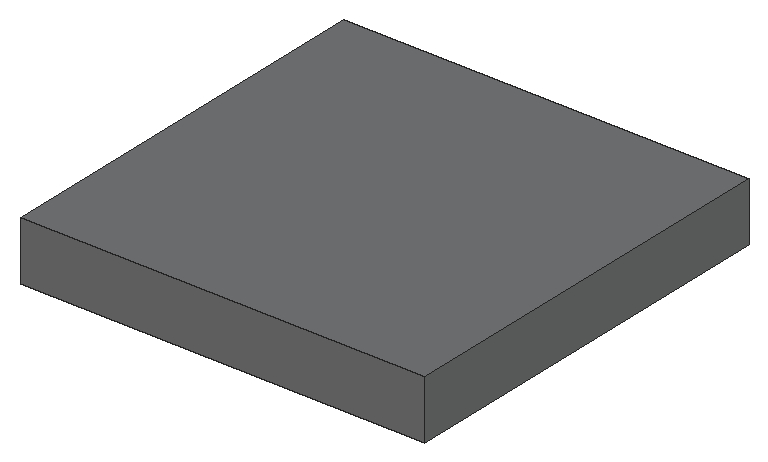
Revit family "Gira_5366005", category Electrical Fixtures, host Face, Revit 2017
Family settings
  Host = Face
  Maintain Annotation Orientation = No
  Round Connector Dimension = Use Diameter
  Part Type = Normal
  Cut with Voids When Loaded = No
  Shared = No
  Room Calculation Point = No
Parameters (values of type "S3000 Jal.- + Schaltuhr Display System 55 Schwarz m")
  Werkstoffgüte = "sonstige"
  Werkstoff = "sonstige"
  URL = "http://katalog.gira.de/de_DE/datenblatt.html?artikelnr=5366005"
  Transparent = "No"
  Region = "DE"
  Oberfläche = "sonstige"
  Name = "S3000 Jal.- + Schaltuhr Display System 55 Schwarz m"
  Mit LED-Anzeige = "Yes"
  Mit Abdeckung = "Yes"
  Manufacturer URL = "https://www.gira.de/"
  Keynote = "Sys55_Abdeckung_Schalten und Tasten"
  HeinzeBIM = "https://bimportal.heinze.de/bim/s3000-jal-schaltuhr-display-system-55-schwarz-m/8ad49dbb2f7ff977068562e436dac12d7f3efdde"
  Halogenfrei = "No"
  HAN = "5366005"
  Geeignet für Schalteinsatz = "No"
  Geeignet für Jalousieeinsatz = "Yes"
  Geeignet für Dimmeinsatz = "No"
  GTIN = "4010337037484"
  Farbe = "schwarz"
  Default Elevation = 1219.2 mm
  Data sheet (1) = "https://katalog.gira.de/de_DE/download.html?artikelnr=5366005"
  Category = "Bedienelement intelligent"
  Available = "Yes"
  Ausführung der Oberfläche = "matt"
  Anzahl der Tasten = "2 "
  Anzahl der Betätigungspunkte = "4 "
  Anwendung = "Steuern elektrischer Verbraucher"
  Anthrazit [instance] = Anthrazit
Reference planes
  plane 1 "Center (Front/Back)": y = 0
  plane 2: z = 0
  plane 3 "Center (Left/Right)": x = 0
Forms (mm)
  Extrusion 1, solid, material "Anthrazit" <- "Anthrazit", detail levels fine
    sketch origin (0, 0, 0) x (1, 0, 0) y (0, 1, 0)
      loop
        line (-27.5, 27.5) -> (-27.5, -27.5) -> (27.5, -27.5) -> (27.5, 27.5) -> (-27.5, 27.5)
    from 0 to 8
  Extrusion 2, void
    sketch origin (0, 0, 0) x (1, 0, 0) y (0, 1, 0)
      loop
        line (26, 26) -> (-26, 26) -> (-26, -26) -> (26, -26) -> (26, 26)
    from 0 to 6
  Extrusion 3, solid, material "Anthrazit" <- "Anthrazit", detail levels medium
    sketch origin (0, 0, 0) x (1, 0, 0) y (0, 1, 0)
      loop
        line (-27.5, 27.5) -> (-27.5, -27.5) -> (27.5, -27.5) -> (27.5, 27.5) -> (-27.5, 27.5)
    from 0 to 8
  Extrusion 4, solid, material "Anthrazit" <- "Anthrazit", detail levels medium
    sketch origin (0, 0, 0) x (1, 0, 0) y (0, 1, 0)
      loop
        line (11, -17.5) -> (11, 17.5) -> (-11, 17.5) -> (-11, -17.5) -> (11, -17.5)
    from -6 to 6
  Extrusion 5, solid, material "Anthrazit" <- "Anthrazit", detail levels fine
    sketch origin (0, 0, 0) x (1, 0, 0) y (0, 1, 0)
      loop
        line (11, 17.5) -> (-11, 17.5) -> (-11, 16.5) -> (11, 16.5) -> (11, 17.5)
      loop
        line (-11, -16.5) -> (-11, -17.5) -> (11, -17.5) -> (11, -16.5) -> (-11, -16.5)
    from -4 to 6
  Extrusion 6, solid, material "Anthrazit" <- "Anthrazit", detail levels fine
    sketch origin (0, 0, 0) x (1, 0, 0) y (0, 1, 0)
      loop
        arc (5, 9.347) -> (0, 10.6) -> (-5, 9.347) r 10.6
        line (-5, 9.347) -> (-5, -9.347)
        arc (-5, -9.347) -> (0, -10.6) -> (5, -9.347) r 10.6
        line (5, -9.347) -> (5, 9.347)
    from -6 to 6
  Extrusion 7, solid, material "Anthrazit" <- "Anthrazit", detail levels coarse
    sketch origin (0, 0, 0) x (1, 0, 0) y (0, 1, 0)
      loop
        line (-27.5, 27.5) -> (-27.5, -27.5) -> (27.5, -27.5) -> (27.5, 27.5) -> (-27.5, 27.5)
    from -6 to 8
Cuts and joins
  Extrusion 2 cuts Extrusion 1
Dimensions and locks
  aligned and locked: plane 2 to host face
  aligned and locked: level to host face
